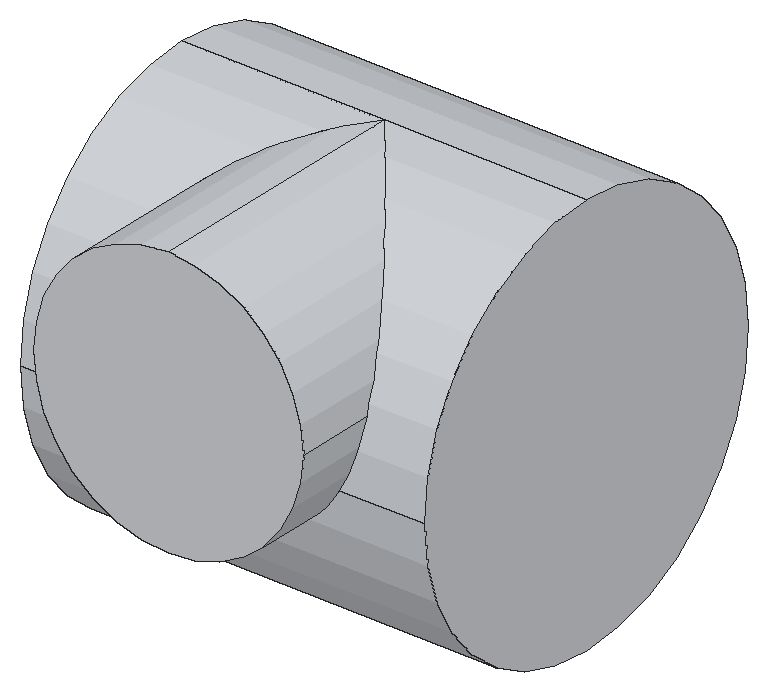
Revit family "M_T redondo - Tangencial", category Conexões de duto, Revit 2019
Family settings
  Cota do conector redondo = Usar raio
  Tipo de parte = Tê
  Número OmniClass = 23.75.70.14
  Título OmniClass = Air Ductwork
  ID de item do Seek = Round Tee - Tangential-0000-CAN-ENU
  Com base no plano de trabalho = Não
  Sempre na vertical = Sim
  Corte com vazios quando carregada = Não
  Compartilhado = Não
Parameters (values of type "Padrão")
  Visibilidade 2 [instance] = Deslocamento da altura = 0 mm  # no
  Visibilidade 1 [instance] = not(Deslocamento da altura = 0 mm)  # yes
  Deslocamento da altura 1 [instance] = if(Deslocamento da altura = 0 mm, 0.8 mm, Deslocamento da altura)  # 50 mm
  Raio do duto 1 [instance] = 150 mm
  Raio do duto 3 [instance] = 100 mm
  Comprimento do duto 2 [instance] = 1.5 * Raio do duto 3  # 150 mm
  Comprimento do duto 1 [instance] = Raio do duto 1 + Anteparo  # 200 mm
  Deslocamento da altura [instance] = Raio do duto 1 - Raio do duto 3  # 50 mm
  Diâmetro do duto 1 [instance] = Raio do duto 1 * 2  # 300 mm
  Anteparo [instance] = 50 mm
  Diâmetro do duto 3 [instance] = Raio do duto 3 * 2  # 200 mm
Reference planes
  plane 1 "Centro (Frente/Trás)": y = 0
  plane 2: z = 0
  plane 3 "Centro (Esquerda/Direita)": x = 0
  plane 4: x = -150
  plane 5: x = 150
  plane 6: y = -200
  plane 7: z = 50
Forms (mm)
  Sweep 1, solid, detail levels medium+fine
    path in 3D
      loop
        line (-150, 0, 0) -> (150, 0, 0)
    profile "M_Duto - Redondo : Duto - Redondo 1" origin (0, 0, 0) x (0, 1, 0) y (0, 0, 1)
      loop
        arc (-150, 0) -> (-106.066, -106.066) -> (0, -150) r 150
        arc (0, -150) -> (106.066, -106.066) -> (150, 0) r 150
        arc (150, 0) -> (106.066, 106.066) -> (0, 150) r 150
        arc (0, 150) -> (-106.066, 106.066) -> (-150, 0) r 150
  Sweep 2, solid, detail levels medium+fine
    path in 3D
      loop
        line (0, -200, 0) -> (0, 0, 0)
    profile "M_Duto - Redondo : Duto - Redondo 3" origin (0, -100, 0) x (-1, 0, 0) y (0, 0, 1)
      loop
        arc (-100, 50) -> (-70.711, -20.711) -> (0, -50) r 100
        arc (0, -50) -> (70.711, -20.711) -> (100, 50) r 100
        arc (100, 50) -> (70.711, 120.711) -> (0, 150) r 100
        arc (0, 150) -> (-70.711, 120.711) -> (-100, 50) r 100
Cuts and joins
  joined: Sweep 1, Sweep 2
Lines and regions (mm)
  reference lines
    curve 1: line (-150, 0, 0) -> (150, 0, 0)
    curve 2: line (0, -200, 0) -> (0, 0, 0)
  sketch lines
    curve 3: line (-150, 0, 0) -> (150, 0, 0)
    curve 6: line (0, -200, 0) -> (0, 0, 0)
  model lines, style "DuctFitting", detail levels coarse
    curve 4: line (-150, 0, 0) -> (150, 0, 0)
  model lines, style "DuctFitting", visible <- "Visibilidade 2", detail levels coarse
    curve 5: line (0, -200, 0) -> (0, 0, 0)
  model lines, style "DuctFitting", visible <- "Visibilidade 1", detail levels coarse
    curve 7: line (0, 0, 50) -> (0, -200, 50)
    curve 8: line (0, 0, 0) -> (0, 0, 50)
Dimensions and locks
  "Comprimento do duto 1": plane 6 to plane 1 "Centro (Frente/Trás)"
  "Comprimento do duto 2": plane 4 to plane 3 "Centro (Esquerda/Direita)"
  "Comprimento do duto 2": plane 3 "Centro (Esquerda/Direita)" to plane 5
  "Deslocamento da altura 1": plane 7 to plane 2
  aligned and locked: plane 4 to curve 1
  aligned and locked: plane 5 to curve 1
  aligned and locked: plane 1 "Centro (Frente/Trás)" to curve 1
  aligned and locked: plane 1 "Centro (Frente/Trás)" to curve 2
  aligned and locked: plane 6 to curve 2
  aligned and locked: curve 2 to plane 3 "Centro (Esquerda/Direita)"
  aligned and locked: curve 4 to curve 1
  aligned and locked: curve 5 to curve 2
  aligned and locked: plane 6 to curve 7
  aligned and locked: plane 1 "Centro (Frente/Trás)" to curve 7
  aligned and locked: curve 7 to plane 3 "Centro (Esquerda/Direita)"
  aligned and locked: plane 7 to curve 8
  aligned and locked: plane 2 to curve 8
  aligned and locked: plane 3 "Centro (Esquerda/Direita)" to curve 8
Automatic sketch dimensions
  curve 4 to plane 4 = 0 mm
  curve 4 to plane 5 = 0 mm
  curve 5 to plane 6 = 0 mm
Connectors
  hvac at (-150, 0, 0), driven by "Raio do duto 1"
    settings: on cut or joined group of Sweep 1, Sweep 2, index 1, duct flow 0.0 L/s, flow factor 0, pres drop 0.0 Pa, loss coef 0, conn angle 0.00°, conn width 304.8 mm, conn height 304.8 mm, conn diameter 300 mm, duct sys type 28, conn prof type 0, flow config 0, flow direction 0, loss method 0, conn ref index 2, conn util no, is conn primary yes, conn desc ""
  hvac at (150, 0, 0), driven by "Raio do duto 1"
    settings: on cut or joined group of Sweep 1, Sweep 2, index 2, duct flow 0.0 L/s, flow factor 0, pres drop 0.0 Pa, loss coef 0, conn angle 0.00°, conn width 304.8 mm, conn height 304.8 mm, conn diameter 300 mm, duct sys type 28, conn prof type 0, flow config 0, flow direction 0, loss method 0, conn ref index 1, conn util no, is conn primary no, conn desc ""
  hvac at (0, -200, 50), driven by "Raio do duto 3"
    settings: on cut or joined group of Sweep 1, Sweep 2, index 3, duct flow 0.0 L/s, flow factor 0, pres drop 0.0 Pa, loss coef 0, conn angle 0.00°, conn width 304.8 mm, conn height 304.8 mm, conn diameter 200 mm, duct sys type 28, conn prof type 0, flow config 0, flow direction 0, loss method 0, conn ref index -1, conn util no, is conn primary no, conn desc ""
